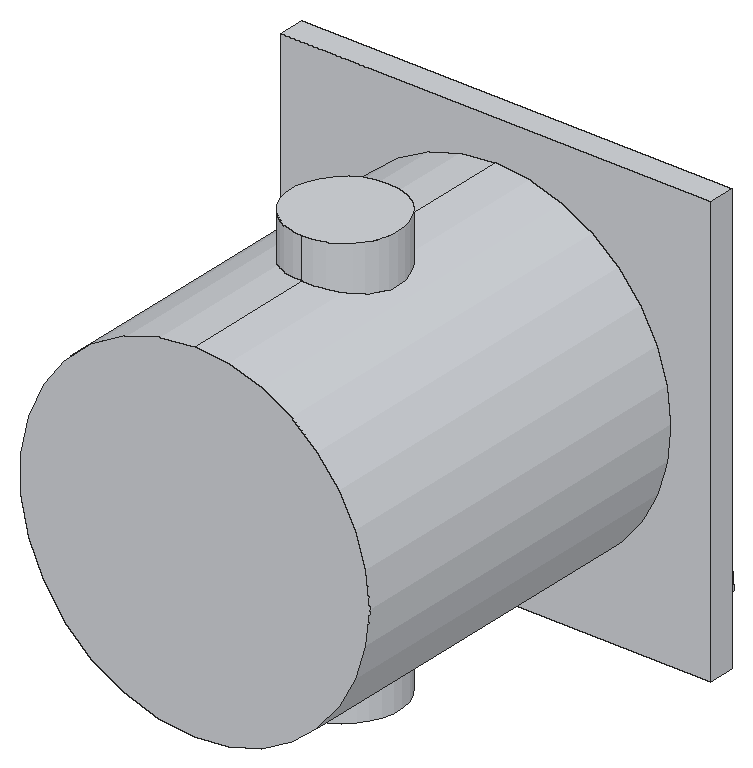
Revit family "LS_Wechselschalter_V1700", category Lichtschalter, Revit 2017
Family settings
  Beschriftungsausrichtung beibehalten = Nein
  Bemaßung runder Anschluss = Durchmesser verwenden
  Teiletyp = Schalter
  OmniClass-Nummer = 23.80.00.00
  OmniClass-Titel = Electric Power and Lighting
  Arbeitsebenenbasiert = Nein
  Immer vertikal = Ja
  Beim Laden mit Abzugskörper schneiden = Nein
  Gemeinsam genutzt = Nein
  Raumberechnungspunkt = Nein
Parameters (values of type "Leuchte")
  pbr_Material_KZ = ""
  pbr_Material = none
  pbr_E_Typ = ""
  pbr_E_KZ = ""
  pbr_DINBild = 0
  pbr_Bild = 0
  pbr_3Dx_Delta_Korrekturversatz [instance] = 0 mm
  pbr_3DX_Versatzfaktor [instance] = 0
  pbr_2DY_Versatzfaktor [instance] = 0
  pbr_2DX_Versatzfaktor [instance] = 0
  lfd_STRK [instance] = 0
  cpiFitMatchKey [instance] = "E-LS-SCH-1"
  Zentrale [instance] = ""
  Wechselschalter mit Leuchte = yes
  Wechselschalter dimmbar mit Leuchte = no
  Wechselschalter dimmbar = no
  Wechselschalter = no
  Typ [instance] = ""
  Text3 [instance] = ""
  Text2 [instance] = ""
  Text1 [instance] = ""
  Schaltgruppe2 [instance] = 0
  Schaltgruppe1 [instance] = 0
  Planungsbüro Rohling = "www.pbr.de"
  Netzart = ""
  Menge(Dosenzahl) [instance] = 0
  Linie/Anschluss [instance] = ""
  Lastklassifizierung = none
  Installationsart [instance] = ""
  Info [instance] = ""
  IFC = ""
  Gewerk [instance] = "Schalt"
  Eckversatz [instance] = 0 mm
  YFrontversatz [instance] = if(pbr_2DY_Versatzfaktor = 300, 0 mm, pbr_2DY_Versatzfaktor * 300 mm)  # 0 mm
  XSeitenversatz [instance] = if(pbr_2DX_Versatzfaktor = 0, 3000 mm, 3000 mm + (pbr_2DX_Versatzfaktor * 300 mm)) + Eckversatz  # 3000 mm
  R_Leerrohranschluss = 10 mm
  Niveau [instance] = 1100 mm
  Dosentiefe = 70 mm  # constant formula
  Dosenradius = 65 mm / 2  # 32.5 mm
  D_Leerrohranschluss = 2 * R_Leerrohranschluss  # 20 mm
  Breite = 80 mm
  3DX_Versatzkontrolle [instance] = if(pbr_3DX_Versatzfaktor = 0, (pbr_2DX_Versatzfaktor * -1), (((-1 * pbr_3DX_Versatzfaktor) + pbr_2DX_Versatzfaktor) * -1))  # 0
  3DX_Versatz [instance] = if([3DX_Versatzkontrolle] = 0, 2000 mm, 2000 mm + ([3DX_Versatzkontrolle] * (300 mm - Breite))) + pbr_3Dx_Delta_Korrekturversatz  # 2000 mm
  Platzierrahmen [instance] = no
Types (4, lengths in mm): name | Wechselschalter mit Leuchte | Wechselschalter dimmbar mit Leuchte | Wechselschalter dimmbar | Wechselschalter
  allgemein | no | no | no | yes
  dimmbar | no | no | yes | no
  Leuchte | yes | no | no | no
  dimmbar_Leuchte | no | yes | no | no
Reference planes
  plane 1 "Mitte (Vorne/Hinten)": y = 0
  plane 2: z = 0
  plane 3 "Mitte (Links/Rechts)": x = -440
  plane 4: x = -480
  plane 5: x = -400
  plane 6: z = 1140
  plane 7: z = 1060
  plane 8 "SchalterVorne": y = 5
  plane 9 "3DSchalterMitte": x = -440
  plane 10: z = 1100
  plane 11: y = -70
  plane 12: y = -35
  plane 13: x = -3440
  plane 14: x = -440
  plane 15: y = 0
Forms (mm)
  Extrusion 1, solid
    sketch origin (0, 20, 0) x (0, 0, 1) y (-1, 0, 0)
      loop
        line (1060, 480) -> (1060, 400) -> (1140, 400) -> (1140, 480) -> (1060, 480)
    from 15 to 20
  Sweep 2, solid
    path origin (-440, 0, 0) x (0, 0, 1) y (0, -1, 0)
      loop
        line (1100, 0) -> (1100, 70)
    profile origin (-440, -35, 1100) x (0, 0, -1) y (1, 0, 0)
      loop
        circle (0, 0) r 32.5
  Sweep 3, solid
    path origin (0, 0, 0) x (1, 0, 0) y (0, 1, 0)
      loop
        line (-472.5, 0) -> (-407.5, 0)
    profile origin (-440, 0, 0) x (0, 1, 0) y (0, 0, 1)
      loop
        line (5, 1135) -> (5, 1066.102) -> (14.712, 1066.102) -> (7.47, 1135) -> (5, 1135)
  Sweep 4, solid
    path origin (-440, 0, 0) x (0, 0, 1) y (0, -1, 0)
      loop
        line (1060, 35) -> (1140, 35)
    profile origin (-440, -35, 1100) x (0, -1, 0) y (1, 0, 0)
      loop
        circle (0, 0) r 10
Cuts and joins
  joined: Sweep 2, Sweep 4
  joined: Extrusion 1, Sweep 3
Dimensions and locks
  plane 5 to plane 4 = 80 mm
  plane 6 to plane 7 = 80 mm
  equal spacing: plane 5, plane 9 "3DSchalterMitte", plane 4
  equal spacing: plane 6, plane 10, plane 7
  "Niveau": plane 10 to level
  "Dosentiefe": plane 1 "Mitte (Vorne/Hinten)" to plane 11
  plane 8 "SchalterVorne" to plane 1 "Mitte (Vorne/Hinten)" = 5 mm
  Sweep 3 sketch curve to plane 6 = 5 mm
  "Breite": plane 5 to plane 4
  locked: plane 13 to plane 9 "3DSchalterMitte" at 3000
  "XSeitenversatz": plane 13 to plane 14
  "YFrontversatz": plane 1 "Mitte (Vorne/Hinten)" to plane 15
  "Dosenradius": radius of Sweep 2 sketch curve
  "R_Leerrohranschluss": radius of Sweep 4 sketch curve
  aligned and locked: level to plane 2
  aligned and locked: Extrusion 1 sketch curve to plane 7
  aligned and locked: Extrusion 1 sketch curve to plane 4
  aligned and locked: Extrusion 1 sketch curve to plane 6
  aligned and locked: plane 5 to Extrusion 1 sketch curve
  aligned and locked: plane 1 "Mitte (Vorne/Hinten)" to Extrusion 1
  aligned and locked: Extrusion 1 to plane 8 "SchalterVorne"
  aligned and locked: plane 14 to nested 2
  aligned and locked: nested 2 to plane 15
  aligned and locked: nested 2 to nested 1
  aligned and locked: nested 1 to nested 2
  aligned and locked: nested 4 to nested 1  (x2)
  aligned and locked: nested 3 to nested 1  (x2)
Automatic sketch dimensions
  Sweep 4 sketch curve to plane 7 = 0 mm
  plane 6 to Sweep 4 sketch curve = 0 mm
  Sweep 4 sketch curve to plane 12 = 0 mm
  Sweep 4 sketch curve to plane 9 "3DSchalterMitte" = 0 mm
  Sweep 4 sketch curve to profile plane = 0 mm
  Sweep 2 sketch curve to plane 10 = 0 mm
  Sweep 2 sketch curve to plane 1 "Mitte (Vorne/Hinten)" = 0 mm
  Sweep 2 sketch curve to plane 11 = 0 mm
  Sweep 2 sketch curve to plane 9 "3DSchalterMitte" = 0 mm
  Sweep 2 sketch curve to profile plane = 0 mm
  plane 1 "Mitte (Vorne/Hinten)" to Sweep 3 sketch curve = 0 mm
  plane 4 to Sweep 3 sketch curve = 7.5 mm
  Sweep 3 sketch curve to plane 5 = 7.5 mm
  Sweep 3 sketch curve to profile plane = 5 mm
  Sweep 3 sketch curve to Sweep 3 sketch curve = 2.47 mm
  Sweep 3 sketch curve to Sweep 3 sketch curve = 9.712 mm
  Sweep 3 sketch curve to Sweep 3 sketch curve = 68.898 mm
Nested families
  nested 1: "Wechselschalter" at (-440, 0, 0), visible <- "Wechselschalter", type "Wechselschalter"
  nested 2: "Wechselschalter dimmbar" at (-440, 0, 0), visible <- "Wechselschalter dimmbar", type "Wechselschalter dimmbar"
  nested 3: "Wechselschalter dimmbar mit Leuchte" at (-440, 0, 0), visible <- "Wechselschalter dimmbar mit Leuchte", type "Wechselschalter dimmbar mit Leuchte"
  nested 4: "Wechselschalter mit Leuchte" at (-440, 0, 0), visible <- "Wechselschalter mit Leuchte", type "Wechselschalter mit Leuchte"
Connectors
  electrical at (-440, -35, 1140)
    settings: on cut or joined group of Sweep 2, Sweep 4, index 3, voltage 230 V, apparent load 0 VA, apparent load phase1 0 VA, apparent load phase2 0 VA, apparent load phase3 0 VA, power factor 1, load classification "Standard", number of poles 1, system type 13, power factor state 1, is connector primary yes, connector utility no, sub classification motor no, connector description ""
  cabletrayconduit at (-440, -35, 1140), diameter 20, driven by "D_Leerrohranschluss"
    settings: on cut or joined group of Sweep 2, Sweep 4, index 4, connector width 300 mm, connector height 300 mm, connector angle 0.00°, system type 32, placement type 0, profile type 0, connector reference index -1, is primary connector yes, connector utility param no, connector description ""
  cabletrayconduit at (-440, -35, 1060), diameter 20, driven by "D_Leerrohranschluss"
    settings: on cut or joined group of Sweep 2, Sweep 4, index 5, connector width 300 mm, connector height 300 mm, connector angle 0.00°, system type 32, placement type 0, profile type 0, connector reference index -1, is primary connector no, connector utility param no, connector description ""
Definition of nested family "Wechselschalter"
  Reference planes
    plane 1 "Mitte (Vorne/Hinten)": y = 0
    plane 2: z = 0
    plane 3 "Mitte (Links/Rechts)": x = 0
  Lines and regions (mm)
    detail lines, in view "Referenzebene"
      curve 1: circle (-0.001, 202.109, 0) r 66.5 normal (0, 0, 1)
      curve 2: line (31.842, 260.489, 0) -> (154.067, 402.836, 0)
      curve 3: line (154.067, 402.836, 0) -> (198.167, 358.339, 0)
      curve 4: line (-30.449, 142.989, 0) -> (-152.038, 1.382, 0)
      curve 5: line (-152.038, 1.382, 0) -> (-196.139, 45.879, 0)
Definition of nested family "Wechselschalter dimmbar"
  Reference planes
    plane 1 "Mitte (Vorne/Hinten)": y = 0
    plane 2: z = 0
    plane 3 "Mitte (Links/Rechts)": x = 0
  Lines and regions (mm)
    detail lines, in view "Referenzebene"
      curve 1: circle (1.169, 200.699, 0) r 66.5 normal (0, 0, 1)
      curve 2: line (32.318, 259.453, 0) -> (154.222, 401.426, 0)
      curve 3: line (154.222, 401.426, 0) -> (198.322, 356.929, 0)
      curve 4: line (-29.98, 141.945, 0) -> (-151.883, -0.028, 0)
      curve 5: line (-151.883, -0.028, 0) -> (-195.984, 44.47, 0)
      curve 6: line (-2.297, 327.751, 0) -> (150.675, 327.751, 0)
      curve 7: line (150.675, 327.751, 0) -> (150.675, 357.929, 0)
      curve 8: line (150.675, 357.929, 0) -> (-2.297, 327.751, 0)
Definition of nested family "Wechselschalter dimmbar mit Leuchte"
  Reference planes
    plane 1 "Mitte (Vorne/Hinten)": y = 0
    plane 2: z = 0
    plane 3 "Mitte (Links/Rechts)": x = 0
  Lines and regions (mm)
    detail lines, in view "Referenzebene"
      curve 1: circle (-0.254, 186.247, 0) r 66.5 normal (0, 0, 1)
      curve 2: line (43.338, 236.467, 0) -> (163.392, 376.286, 0)
      curve 3: line (163.392, 376.286, 0) -> (196.899, 342.477, 0)
      curve 4: line (-166.925, -0.738, 0) -> (-197.407, 30.018, 0)
      curve 5: line (-3.72, 313.299, 0) -> (149.252, 313.299, 0)
      curve 6: line (149.252, 313.299, 0) -> (149.252, 343.477, 0)
      curve 7: line (149.252, 343.477, 0) -> (-3.72, 313.299, 0)
      curve 8: line (-47.276, 233.27, 0) -> (46.769, 139.225, 0)
      curve 9: line (43.338, 236.467, 0) -> (-166.925, -0.738, 0)
Definition of nested family "Wechselschalter mit Leuchte"
  Reference planes
    plane 1 "Mitte (Vorne/Hinten)": y = 0
    plane 2: z = 0
    plane 3 "Mitte (Links/Rechts)": x = 0
  Lines and regions (mm)
    detail lines, in view "Referenzebene"
      curve 1: circle (-0.254, 186.247, 0) r 66.5 normal (0, 0, 1)
      curve 2: line (43.338, 236.467, 0) -> (163.392, 376.286, 0)
      curve 3: line (163.392, 376.286, 0) -> (196.899, 342.477, 0)
      curve 4: line (-166.925, -0.738, 0) -> (-197.407, 30.018, 0)
      curve 5: line (-47.276, 233.27, 0) -> (46.769, 139.225, 0)
      curve 6: line (-166.925, -0.738, 0) -> (43.338, 236.467, 0)
